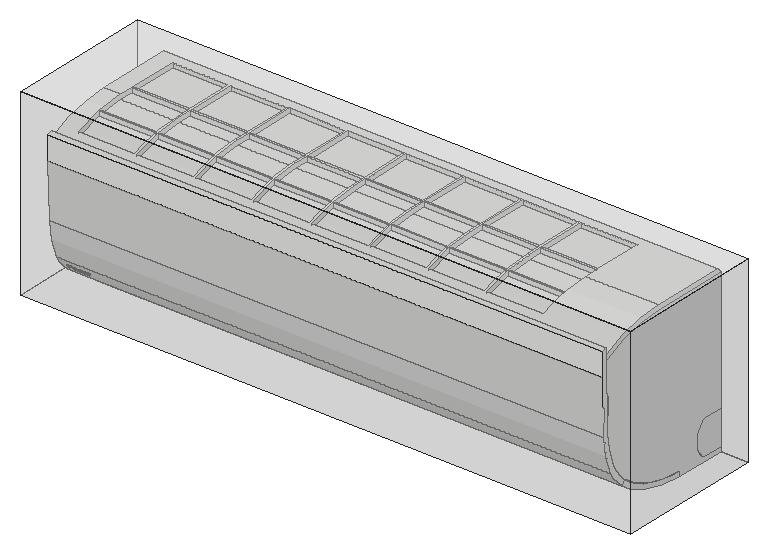
Revit family "outputfile", category 機械設備, Revit 2024
Family settings
  丸型コネクタ寸法 = 半径を使用
  パーツ タイプ = 標準
  OmniClass 番号 = 23.75.10.24.21.27.27
  OmniClass タイトル = Split System Air Conditioning Units
  作業面ベース = いいえ
  常に垂直 = はい
  ロード時にボイドで切り取り = いいえ
  注釈の向きを維持 = いいえ
  共有 = いいえ
  部屋計算ポイント = いいえ
Parameters (values of type "FTXF60WVMA")
  Description = ""
  書き出し IFC クラス(タイプ) = "IfcUnitaryEquipmentType"
  定義済み IFC タイプ(タイプ) = "AIRCONDITIONINGUNIT"
  Cost = 0
  Type Comments = ""
  Keynote = ""
  Type Image = (empty or 0)
  Assembly Code = ""
  w_wall hole = if(Width = 770.0 mm, 48.0 mm, 60.0 mm)  # 60.0 mm
  製造元 = "Daikin"
  モデル = "FTXF60WVMA"
  switch_frequency = yes
  r_Liquid Pipe Size = Liquid Pipe Size / 2  # 3.2 mm
  r_Gas Pipe Size = Gas Pipe Size / 2  # 6.35 mm
  r_Drain Pipe Size = Drain Pipe Size / 2  # 8.0 mm
  lw_powersupply [instance] = if(Width = 770.0 mm, if(or(Rear Right Connection_refrigerant, Bottom Right Connection_refrigerant), 25.0 mm, if(or(Rear Left Connection_refrigerant, Bottom Left Connection_refrigerant), 745.0 mm, 400.0 mm)), if(Width = 990.0 mm, if(or(Rear Right Connection_refrigerant, Bottom Right Connection_refrigerant), 40.0 mm, if(or(Rear Left Connection_refrigerant, Bottom Left Connection_refrigerant), 920.0 mm, 400.0 mm)), if(or(Rear Right Connection_refrigerant, Bottom Right Connection_refrigerant), 40.0 mm, if(or(Rear Left Connection_refrigerant, Bottom Left Connection_refrigerant), 920.0 mm, 400.0 mm))))  # 400.0 mm
  lw_liquidpipe [instance] = if(Width = 770.0 mm, if(or(Rear Right Connection_refrigerant, Bottom Right Connection_refrigerant), 0.0 mm, if(or(Rear Left Connection_refrigerant, Bottom Left Connection_refrigerant), 664.0 mm, 385.0 mm)), if(Width = 990.0 mm, if(or(Rear Right Connection_refrigerant, Bottom Right Connection_refrigerant), 0.0 mm, if(or(Rear Left Connection_refrigerant, Bottom Left Connection_refrigerant), 664.0 mm + (990.0 mm - 770.0 mm), 475.0 mm)), if(or(Rear Right Connection_refrigerant, Bottom Right Connection_refrigerant), 0.0 mm, if(or(Rear Left Connection_refrigerant, Bottom Left Connection_refrigerant), 664.0 mm + (990.0 mm - 770.0 mm), 475.0 mm))))  # 475.0 mm
  lw_gaspipe [instance] = if(Width = 770.0 mm, if(or(Rear Right Connection_refrigerant, Bottom Right Connection_refrigerant), 0.0 mm, if(or(Rear Left Connection_refrigerant, Bottom Left Connection_refrigerant), 675.0 mm, if(Gas Pipe Size = 12.7 mm, 335.0 mm, 335.0 mm))), if(Width = 990.0 mm, if(or(Rear Right Connection_refrigerant, Bottom Right Connection_refrigerant), 10.0 mm, if(or(Rear Left Connection_refrigerant, Bottom Left Connection_refrigerant), 890.0 mm, if(Gas Pipe Size = 15.9 mm, 400.0 mm, 400.0 mm))), if(or(Rear Right Connection_refrigerant, Bottom Right Connection_refrigerant), 10.0 mm, if(or(Rear Left Connection_refrigerant, Bottom Left Connection_refrigerant), 890.0 mm, if(Gas Pipe Size = 15.9 mm, 400.0 mm, 400.0 mm)))))  # 400.0 mm
  lw_drainpipe [instance] = if(Width = 770.0 mm, if(or(Rear Right Connection_refrigerant, Bottom Right Connection_refrigerant), 0.0 mm, if(or(Rear Left Connection_refrigerant, Bottom Left Connection_refrigerant), 770.0 mm - 48.0 mm - 48.0 mm, 440.0 mm)), if(Width = 990.0 mm, if(or(Rear Right Connection_refrigerant, Bottom Right Connection_refrigerant), 0.0 mm, if(or(Rear Left Connection_refrigerant, Bottom Left Connection_refrigerant), 675.0 mm + (990.0 mm - 770.0 mm), 435.0 mm)), if(or(Rear Right Connection_refrigerant, Bottom Right Connection_refrigerant), 0.0 mm, if(or(Rear Left Connection_refrigerant, Bottom Left Connection_refrigerant), 675.0 mm + (990.0 mm - 770.0 mm), 435.0 mm))))  # 435.0 mm
  l_powersupply_length [instance] = if(Width = 770.0 mm, if(Right Connection_refrigerant, 400.0 mm, if(Left Connection_refrigerant, 770.0 mm - 400.0 mm, if(or(Rear Left Connection_refrigerant, Rear Right Connection_refrigerant), 15.0 mm, 50.0 mm))), if(Width = 990.0 mm, if(Right Connection_refrigerant, 400.0 mm, if(Left Connection_refrigerant, 990.0 mm - 400.0 mm, if(or(Rear Left Connection_refrigerant, Rear Right Connection_refrigerant), 15.0 mm, 50.0 mm))), if(Right Connection_refrigerant, 400.0 mm, if(Left Connection_refrigerant, 990.0 mm - 400.0 mm, if(or(Rear Left Connection_refrigerant, Rear Right Connection_refrigerant), 15.0 mm, 50.0 mm)))))  # 400.0 mm
  l_liquidpipe_length [instance] = if(Width = 770.0 mm, if(Right Connection_refrigerant, 433.0 mm, if(Left Connection_refrigerant, 337.0 mm, if(or(Rear Left Connection_refrigerant, Rear Right Connection_refrigerant), 30.0 mm, 40.0 mm))), if(Width = 990.0 mm, if(Right Connection_refrigerant, 535.0 mm, if(Left Connection_refrigerant, 455.0 mm, if(or(Rear Left Connection_refrigerant, Rear Right Connection_refrigerant), 30.0 mm, 40.0 mm))), if(Right Connection_refrigerant, 535.0 mm, if(Left Connection_refrigerant, 455.0 mm, if(or(Rear Left Connection_refrigerant, Rear Right Connection_refrigerant), 30.0 mm, 40.0 mm)))))  # 535.0 mm
  l_gaspipe_length [instance] = if(Width = 770.0 mm, if(Right Connection_refrigerant, if(Gas Pipe Size = 12.7 mm, 383.0 mm, 383.0 mm), if(Left Connection_refrigerant, if(Gas Pipe Size = 12.7 mm, 770.0 mm - 383.0 mm, 770.0 mm - 383.0 mm), if(or(Rear Left Connection_refrigerant, Rear Right Connection_refrigerant), 40.0 mm, 50.0 mm))), if(Width = 990.0 mm, if(Right Connection_refrigerant, if(Gas Pipe Size = 15.9 mm, 460.0 mm, 460.0 mm), if(Left Connection_refrigerant, if(Gas Pipe Size = 15.9 mm, 990.0 mm - 460.0 mm, 990.0 mm - 460.0 mm), if(or(Rear Left Connection_refrigerant, Rear Right Connection_refrigerant), 40.0 mm, 50.0 mm))), if(Right Connection_refrigerant, if(Gas Pipe Size = 15.9 mm, 460.0 mm, 460.0 mm), if(Left Connection_refrigerant, if(Gas Pipe Size = 15.9 mm, 990.0 mm - 460.0 mm, 990.0 mm - 460.0 mm), if(or(Rear Left Connection_refrigerant, Rear Right Connection_refrigerant), 40.0 mm, 50.0 mm)))))  # 460.0 mm
  l_drainpipe_length [instance] = if(Width = 770.0 mm, if(Right Connection_refrigerant, 488.0 mm, if(Left Connection_refrigerant, 282.0 mm, if(or(Rear Left Connection_refrigerant, Rear Right Connection_refrigerant), 15.0 mm, 20.0 mm))), if(Width = 990.0 mm, if(Right Connection_refrigerant, 495.0 mm, if(Left Connection_refrigerant, 495.0 mm, if(or(Rear Left Connection_refrigerant, Rear Right Connection_refrigerant), 15.0 mm, 20.0 mm))), if(Right Connection_refrigerant, 495.0 mm, if(Left Connection_refrigerant, 495.0 mm, if(or(Rear Left Connection_refrigerant, Rear Right Connection_refrigerant), 15.0 mm, 20.0 mm)))))  # 495.0 mm
  h*** = 0.0 mm  # constant formula
  connector_voltage = Voltage_50Hz  # 230 V
  connector_powerinput = if([Power Input (Cooling)] > [Power Input (Heating)], [Power Input (Cooling)], [Power Input (Heating)])  # 0.000 kW
  connector_phase = Phase_50Hz  # 1
  angle_vertical [instance] = if(or(Bottom Left Connection_refrigerant, Bottom Right Connection_refrigerant), 0.00°, 90.00°)  # 90.00°
  angle_horizontal [instance] = if(Right Connection_refrigerant, 90.00°, if(Left Connection_refrigerant, -90.00°, if(or(Rear Left Connection_refrigerant, Rear Right Connection_refrigerant), 180.00°, 0.00°)))  # 90.00°
  Width = 990.0 mm
  Voltage_comment_50Hz = "220 - 240"
  Voltage_50Hz = 230 V
  Version = "ver.1.0"
  Unit Type = "Wall Mounted"
  Unit Mass Weight = 12.00 kg
  Unit Designation [instance] = ""
  Uniclass2015Version = "Products v1.30"
  Uniclass2015Title = "Split coil room air conditioning units"
  Uniclass2015Code = "Pr_70_65_03_86"
  URL = ""
  Total Heating Capacity [instance] = 0.000 kW
  Total Cooling Capacity [instance] = 0.000 kW
  Sound Pressure Level_M speed (dBA) = 41
  Sound Pressure Level_L speed (dBA) = 35
  Sound Pressure Level_H speed (dBA) = 46
  Sound Power Level_H speed (dB) = 0
  Series = "Single Split_Fan Coil Unit"
  Sensible Cooling Capacity [instance] = 0.000 kW
  Refrigerant Type = "R32"
  Power Input (Heating) = 0.000 kW
  Power Input (Cooling) = 0.000 kW
  Phase_50Hz = 1
  Option Accessory 3 [instance] = ""
  Option Accessory 2 [instance] = ""
  Option Accessory 1 [instance] = ""
  Nominal Heating Capacity = 6.500 kW
  Nominal Cooling Capacity = 6.000 kW
  Minimum Circuit Amps_50Hz = 0.0 A
  Minimum Airflow = 696.00 m³/h
  Median Airflow = 876.00 m³/h
  Maximum Fuse Amps_50Hz = 0.0 A
  Maximum Airflow = 1130.00 m³/h
  Material_Casing = DAIKIN_PureWhite_Casing_indoorunit
  Load Classification = HVAC
  Liquid Pipe Size = 6.4 mm
  Link_Nested Family [instance] = ""
  IfcVersion = ""
  IfcExportType = "AIRCONDITIONINGUNIT"
  IfcExportAs = "IfcUnitaryEquipmentType"
  Height = 295.0 mm
  Heating Entering Wet Bulb Temperature [instance] = 0.00 °C
  Heating Entering Dry Bulb Temperature [instance] = 0.00 °C
  Heating Ambient Wet Bulb Temperature [instance] = 0.00 °C
  Heating Ambient Dry Bulb Temperature [instance] = 0.00 °C
  Heat Exchanger Type = "Cross Fin Coil"
  Gas Pipe Size = 12.7 mm
  Frequency_50Hz = 50 Hz
  Fan Type = "Cross Flow Fan"
  Fan Drive = "Direct Drive"
  FCU Tag No. [instance] = ""
  Drain Pipe Size = 16.0 mm
  Design Supply Airflow [instance] = 0.00 m³/h
  Depth = 263.0 mm
  既定の高さ = 0.0 mm
  Cooling Entering Wet Bulb Temperature [instance] = 0.00 °C
  Cooling Entering Dry Bulb Temperature [instance] = 0.00 °C
  Cooling Ambient Wet Bulb Temperature [instance] = 0.00 °C
  Cooling Ambient Dry Bulb Temperature [instance] = 0.00 °C
  Clearance visibility [instance] = yes
  Clearance Top = 30.0 mm
  Clearance Right = 50.0 mm
  Clearance Rear = 0.0 mm
  Clearance Left = 50.0 mm
  Clearance Front = 0.0 mm
  Clearance Bottom = 0.0 mm
  Bottom Right Connection_refrigerant [instance] = no
  Bottom Left Connection_refrigerant [instance] = no
  Rear Right Connection_refrigerant [instance] = no
  Rear Left Connection_refrigerant [instance] = no
  Right Connection_refrigerant [instance] = yes
  Left Connection_refrigerant [instance] = no
Reference planes
  plane 1 "Back": y = 0
  plane 2: z = 0
  plane 3 "Center (Left/Right)": x = 0
  plane 4 "Center (Front/Back)": y = -131.5
  plane 5 "Front": y = -263
  plane 6 "Left": x = -495
  plane 7 "Right": x = 495
  plane 8 "Top": z = 0
  plane 9 "Bottom": z = -295
  plane 10: x = -545
  plane 11: x = 545
  plane 12: y = 0
  plane 13: y = -263
  plane 14: z = 30
  plane 15: z = -295
  plane 16 "lw_Piping and Wiring intake": x = 435
  plane 17 "lw_gaspipe": x = 35
  plane 18 "lw_liquidpipe": x = -40
  plane 19 "lw_drainpipe": x = 0
  plane 20 "lh_drainpipe": z = -275
  plane 21 "lh_liquidpipe": z = -255
  plane 22 "lh_gaspipe": z = -245
  plane 23 "ld_drainpipe": y = -15
  plane 24 "ld_liquidpipe": y = -30
  plane 25 "ld_gaspipe": y = -40
  plane 26 "lw_powersupply": x = 95
Dimensions and locks
  equal spacing: plane 6 "Left", plane 3 "Center (Left/Right)", plane 7 "Right"
  "Width": plane 6 "Left" to plane 7 "Right"
  equal spacing: plane 5 "Front", plane 4 "Center (Front/Back)", plane 1 "Back"
  "Depth": plane 5 "Front" to plane 1 "Back"
  "Height": plane 8 "Top" to plane 9 "Bottom"
  "Clearance Rear": plane 12 to plane 1 "Back"
  "Clearance Front": plane 13 to plane 5 "Front"
  "Clearance Top": plane 14 to plane 8 "Top"
  "Clearance Bottom": plane 9 "Bottom" to plane 15
  "w_wall hole": plane 16 "lw_Piping and Wiring intake" to plane 7 "Right"
  "lw_gaspipe": plane 17 "lw_gaspipe" to plane 16 "lw_Piping and Wiring intake"
  "lw_liquidpipe": plane 18 "lw_liquidpipe" to plane 16 "lw_Piping and Wiring intake"
  "lw_drainpipe": plane 19 "lw_drainpipe" to plane 16 "lw_Piping and Wiring intake"
  locked: plane 20 "lh_drainpipe" to plane 9 "Bottom" at 20
  locked: plane 21 "lh_liquidpipe" to plane 9 "Bottom" at 40
  locked: plane 22 "lh_gaspipe" to plane 9 "Bottom" at 50
  locked: plane 23 "ld_drainpipe" to plane 1 "Back" at 15
  locked: plane 1 "Back" to plane 24 "ld_liquidpipe" at 30
  locked: plane 1 "Back" to plane 25 "ld_gaspipe" at 40
  "lw_powersupply": plane 26 "lw_powersupply" to plane 7 "Right"
  "Clearance Left": plane 10 to plane 6 "Left"
  "Clearance Right": plane 7 "Right" to plane 11
  aligned and locked: level to plane 2
  aligned and locked: plane 12 to nested 1
  aligned and locked: nested 1 to plane 13
  aligned and locked: plane 10 to nested 1
  aligned and locked: plane 11 to nested 1
  aligned and locked: plane 15 to nested 1
  aligned and locked: plane 14 to nested 1
  aligned and locked: plane 17 "lw_gaspipe" to nested 2
  aligned and locked: nested 2 to plane 25 "ld_gaspipe"
  aligned and locked: plane 18 "lw_liquidpipe" to nested 3
  aligned and locked: nested 3 to plane 24 "ld_liquidpipe"
  aligned and locked: plane 19 "lw_drainpipe" to nested 4
  aligned and locked: nested 4 to plane 23 "ld_drainpipe"
  aligned and locked: nested 5 to plane 23 "ld_drainpipe"
  aligned and locked: plane 26 "lw_powersupply" to nested 5
  aligned and locked: level to plane 8 "Top"
  aligned and locked: plane 3 "Center (Left/Right)" to nested 6
  aligned and locked: plane 1 "Back" to nested 6
  aligned and locked: plane 8 "Top" to nested 6
Nested families
  nested 1: "daikin_clearancespace" at (0, -131.5, -132.381), show <- "Clearance visibility", visible <- "Clearance visibility", Link_Nested Family <- "Link_Nested Family", type "daikin_clearancespace"
    with width 1090.0 mm, show yes, height 325.0 mm, depth 263.0 mm, Link_Nested Family ""
  nested 2: "daikin_connector_rotate3" at (35, -40, -245), angle_vertical <- "angle_vertical", angle_horizontal <- "angle_horizontal", length <- "l_gaspipe_length", radius <- "r_Gas Pipe Size", type "daikin_connector_rotate3"
    with show no, radius 6.35 mm, length 460.0 mm, angle_vertical 90.00°, angle_horizontal 90.00°
  nested 3: "daikin_connector_rotate3" at (-40, -30, -255), angle_vertical <- "angle_vertical", angle_horizontal <- "angle_horizontal", radius <- "r_Liquid Pipe Size", length <- "l_liquidpipe_length", type "daikin_connector_rotate3"
    with show no, radius 3.2 mm, length 535.0 mm, angle_vertical 90.00°, angle_horizontal 90.00°
  nested 4: "daikin_connector_rotate3" at (0, -15, -275), angle_vertical <- "angle_vertical", angle_horizontal <- "angle_horizontal", length <- "l_drainpipe_length", radius <- "r_Drain Pipe Size", type "daikin_connector_rotate3"
    with show no, radius 8.0 mm, length 495.0 mm, angle_vertical 90.00°, angle_horizontal 90.00°
  nested 5: "daikin_connector_rotate3" at (95, -15, -245), angle_vertical <- "angle_vertical", angle_horizontal <- "angle_horizontal", length <- "l_powersupply_length", type "daikin_connector_rotate3"
    with show no, radius 10.0 mm, length 400.0 mm, angle_vertical 90.00°, angle_horizontal 90.00°
  nested 6: "DAIKIN_indoorunit_FTXF-WVMA" at (-31, 0, 0), type "FTXF-WVMA"
    with switch_unit1_60-71 yes, switch_unit1_20-50 no, Width 990.0 mm, WALL HOLE-R 60.0 mm, WALL HOLE Size 80.0 mm, Height 295.0 mm
Connectors
  piping at (495, -40, -245), diameter 12.7, driven by "r_Gas Pipe Size"
    settings: on nested 2, index 1, connector inside diameter 609.6 mm, connector length 0.0 mm, flow factor 0, pipe flow 0.00 m³/h, pressure drop 0.0 Pa, fitting loss kfactor 0, connector angle 0.00°, fixture units 0, engagement length 0.0 mm, angle of deflection 0.00°, flow configuration 1, flow direction 2, fitting loss method 0, system type 29, joint type 0, gender type 0, connector reference index -1, connector utility 0, adjustable connector no, is connector primary yes, connector description "Refrigerant Gas Piping"
  piping at (495, -30, -255), diameter 6.4, driven by "r_Liquid Pipe Size"
    settings: on nested 3, index 2, connector inside diameter 609.6 mm, connector length 0.0 mm, flow factor 0, pipe flow 0.00 m³/h, pressure drop 0.0 Pa, fitting loss kfactor 0, connector angle 0.00°, fixture units 0, engagement length 0.0 mm, angle of deflection 0.00°, flow configuration 1, flow direction 1, fitting loss method 0, system type 29, joint type 0, gender type 0, connector reference index -1, connector utility 0, adjustable connector no, is connector primary no, connector description "Refrigerant Liquid Piping"
  piping at (495, -15, -275), diameter 16, driven by "r_Drain Pipe Size"
    settings: on nested 4, index 3, connector inside diameter 609.6 mm, connector length 0.0 mm, flow factor 0, pipe flow 0.00 m³/h, pressure drop 0.0 Pa, fitting loss kfactor 0, connector angle 0.00°, fixture units 0, engagement length 0.0 mm, angle of deflection 0.00°, flow configuration 1, flow direction 2, fitting loss method 4, system type 16, joint type 0, gender type 0, connector reference index -1, connector utility 0, adjustable connector no, is connector primary no, connector description "Condensate Drain Piping"
  electrical at (495, -15, -245), driven by "Load Classification", driven by "connector_voltage", driven by "connector_powerinput", driven by "connector_phase"
    settings: on nested 5, index 4, voltage 230 V, apparent load 0 VA, apparent load phase1 0 VA, apparent load phase2 0 VA, apparent load phase3 0 VA, power factor 1, load classification "HVAC", number of poles 1, system type 30, power factor state 1, is connector primary yes, connector utility no, sub classification motor no, connector description "Power Supply"
Definition of nested family "daikin_clearancespace"
  Parameters (values of type "daikin_clearancespace")
    Description = "daikin_clearancespace"
    width [instance] = 1823.963 mm
    show [instance] = yes
    material = none
    height [instance] = 1359.762 mm
    depth [instance] = 880.0 mm
    Default Elevation = 0.0 mm
    Link_Nested Family [instance] = ""
  Reference planes
    plane 1 "Center (Front/Back)": y = 0
    plane 2 "Center (Elevation)": z = -0.119
    plane 3 "Center (Left/Right)": x = 0
    plane 4: y = 440
    plane 5: y = -440
    plane 6 "Right": x = 911.982
    plane 7 "Left": x = -911.982
    plane 8 "Top": z = 679.762
    plane 9 "Bottom": z = -680
  Forms (mm)
    Extrusion 1, solid, material <- "material", visible <- "show"
      sketch origin (0, 0, 0) x (1, 0, 0) y (0, 1, 0)
        loop
          line (-911.982, 440) -> (-911.982, -440) -> (911.982, -440) -> (911.982, 440) -> (-911.982, 440)
      from -680 to 679.762
  Lines and regions (mm)
    symbolic lines, visible <- "show"
      curve 1: line (911.982, 440, 0) -> (-911.982, 440, 0)
      curve 2: line (-911.982, 440, 0) -> (-911.982, -440, 0)
      curve 3: line (-911.982, -440, 0) -> (911.982, -440, 0)
      curve 4: line (911.982, -440, 0) -> (911.982, 440, 0)
      curve 5: line (911.982, 0, 679.762) -> (-911.982, 0, 679.762)
      curve 6: line (911.982, 0, -680) -> (911.982, 0, 679.762)
      curve 7: line (-911.982, 0, -680) -> (911.982, 0, -680)
      curve 8: line (-911.982, 0, 679.762) -> (-911.982, 0, -680)
      curve 9: line (0, 440, 679.762) -> (0, -440, 679.762)
      curve 10: line (0, -440, 679.762) -> (0, -440, -680)
      curve 11: line (0, 440, -680) -> (0, 440, 679.762)
      curve 12: line (0, -440, -680) -> (0, 440, -680)
  Dimensions and locks
    "width": plane 7 "Left" to plane 6 "Right"
    "depth": plane 4 to plane 5
    "height": plane 8 "Top" to plane 9 "Bottom"
    equal spacing: plane 7 "Left", plane 3 "Center (Left/Right)", plane 6 "Right"
    equal spacing: plane 4, plane 1 "Center (Front/Back)", plane 5
    equal spacing: plane 8 "Top", plane 2 "Center (Elevation)", plane 9 "Bottom"
    aligned and locked: level to plane 2 "Center (Elevation)"
    aligned and locked: Extrusion 1 sketch curve to plane 4
    aligned and locked: plane 7 "Left" to Extrusion 1 sketch curve
    aligned and locked: Extrusion 1 sketch curve to plane 5
    aligned and locked: Extrusion 1 sketch curve to plane 6 "Right"
    aligned and locked: plane 8 "Top" to Extrusion 1
    aligned and locked: curve 1 to Extrusion 1
    aligned and locked: curve 2 to Extrusion 1
    aligned and locked: curve 3 to Extrusion 1
    aligned and locked: curve 4 to Extrusion 1
    aligned and locked: curve 5 to Extrusion 1
    aligned and locked: curve 6 to Extrusion 1
    aligned and locked: curve 7 to Extrusion 1
    aligned and locked: curve 8 to Extrusion 1
    aligned and locked: curve 9 to Extrusion 1
    aligned and locked: curve 10 to Extrusion 1
    aligned and locked: curve 11 to Extrusion 1
    aligned and locked: curve 12 to Extrusion 1
    aligned and locked: Extrusion 1 to plane 9 "Bottom"
Definition of nested family "DAIKIN_indoorunit_FTXF-WVMA"
  Parameters (values of type "FTKF-TVMA")
    switch_unit1_60-71 = Width = 990.0 mm  # no
    switch_unit1_20-50 = Width = 770.0 mm  # yes
    Width = 770.0 mm
    WALL HOLE-R = if(Width = 770.0 mm, 48.0 mm, 60.0 mm)  # 48.0 mm
    WALL HOLE Size = if(Width = 770.0 mm, 65.0 mm, 80.0 mm)  # 65.0 mm
    Material_Casing = none
    Height = if(Width = 770.0 mm, 285.0 mm, 295.0 mm)  # 285.0 mm
    Default Elevation = 0.0 mm
  Reference planes
    plane 1 "Center (Front/Back)": y = 0
    plane 2 "reference_level": z = 0
    plane 3 "Center (Left/Right)": x = 31
    plane 4: x = -354
    plane 5: x = 416
    plane 6: z = -285
  Forms (mm)
    Extrusion 1, solid, material <- "Material_Casing", visible <- "switch_unit1_20-50"
      sketch origin (29, 0, 0) x (0, 1, 0) y (0, 0, 1)
        loop
          line (-5, 0) -> (-98, 0)
          arc (-98, 0) -> (-157.611, -7.211) -> (-213.783, -28.427) r 250
          arc (-213.783, -28.427) -> (-213.842, -32.972) -> (-213.892, -37.516) r 2191
          arc (-213.892, -37.516) -> (-157.832, -15.495) -> (-98.07, -8) r 242
          line (-98.07, -8) -> (0, -8) -> (-5, 0)
      from -383 to 387
    Extrusion 2, solid, material <- "Material_Casing", visible <- "switch_unit1_20-50"
      sketch origin (416, 1296.25, 1200) x (0, 1, 0) y (0, 0, 1)
        loop
          line (-1472.998, -1446.91) -> (-1476.998, -1453.839)
          arc (-1476.998, -1453.839) -> (-1437.481, -1472.422) -> (-1395.25, -1483.538) r 240
          line (-1395.25, -1483.538) -> (-1395.25, -1475.422)
          arc (-1395.25, -1475.422) -> (-1435.407, -1464.663) -> (-1472.998, -1446.91) r 232
      from 0 to -47.5
    Extrusion 3, solid, material <- "Material_Casing", visible <- "switch_unit1_20-50"
      sketch origin (29, 0, 0) x (0, 1, 0) y (0, 0, 1)
        loop
          arc (-223, -60.455) -> (-222.414, -110.646) -> (-220.656, -160.81) r 2149.92
          arc (-220.656, -160.81) -> (-219.65, -174.299) -> (-217.853, -187.706) r 229.911
          arc (-217.853, -187.706) -> (-205.371, -223.594) -> (-181.517, -253.17) r 111
          line (-181.517, -253.17) -> (-177.429, -246.093)
          arc (-177.429, -246.093) -> (-198.77, -218.989) -> (-209.965, -186.36) r 103
          arc (-209.965, -186.36) -> (-211.681, -173.586) -> (-212.651, -160.735) r 221.844
          arc (-212.651, -160.735) -> (-214.739, -93.233) -> (-214.74, -25.699) r 2186.828
          arc (-214.74, -25.699) -> (-214.671, -21.467) -> (-214.594, -17.235) r 2192
          line (-214.594, -17.235) -> (-223, -19.961) -> (-223, -60.455)
      from -383 to 387
    Extrusion 4, solid, material <- "Material_Casing", visible <- "switch_unit1_20-50"
      sketch origin (29, 0, -20) x (0, 1, 0) y (0, 0, 1)
        loop
          line (0, -265) -> (0, 12) -> (-98.07, 12)
          arc (-98.07, 12) -> (-157.832, 4.505) -> (-213.892, -17.516) r 242
          arc (-213.892, -17.516) -> (-213.638, -79.114) -> (-211.653, -140.681) r 2191
          arc (-211.653, -140.681) -> (-210.685, -153.501) -> (-208.973, -166.243) r 221
          arc (-208.973, -166.243) -> (-197.471, -199.282) -> (-175.482, -226.491) r 102
          arc (-175.482, -226.491) -> (-138.004, -244.019) -> (-98, -254.579) r 231
          line (-98, -254.579) -> (-98, -265) -> (0, -265)
      from -383 to 387
    Extrusion 5, solid, material <- "Material_Casing", visible <- "switch_unit1_20-50"
      sketch origin (-354, 1296.25, 1200) x (0, 1, 0) y (0, 0, 1)
        loop
          line (-1472.998, -1446.91) -> (-1476.998, -1453.839)
          arc (-1476.998, -1453.839) -> (-1437.481, -1472.422) -> (-1395.25, -1483.538) r 240
          line (-1395.25, -1483.538) -> (-1395.25, -1475.422)
          arc (-1395.25, -1475.422) -> (-1435.407, -1464.663) -> (-1472.998, -1446.91) r 232
      from 47 to 0
    Extrusion 6, solid, material <- "Material_Casing", visible <- "switch_unit1_20-50"
      sketch origin (416, 1296.25, 1200) x (0, 1, 0) y (0, 0, 1)
        loop
          line (-1472.998, -1446.91) -> (-1476.998, -1453.839)
          arc (-1476.998, -1453.839) -> (-1443.437, -1470.168) -> (-1407.75, -1481.097) r 240
          line (-1407.75, -1481.097) -> (-1407.75, -1472.894)
          arc (-1407.75, -1472.894) -> (-1441.363, -1462.385) -> (-1472.998, -1446.91) r 232
      from -116.993 to -48.493
    Extrusion 7, solid, material <- "Material_Casing", visible <- "switch_unit1_20-50"
      sketch origin (416, 1296.25, 1200) x (0, 1, 0) y (0, 0, 1)
        loop
          line (-1472.998, -1446.91) -> (-1476.998, -1453.839)
          arc (-1476.998, -1453.839) -> (-1443.437, -1470.168) -> (-1407.75, -1481.097) r 240
          line (-1407.75, -1481.097) -> (-1407.75, -1472.894)
          arc (-1407.75, -1472.894) -> (-1441.363, -1462.385) -> (-1472.998, -1446.91) r 232
      from -717 to -121.993
    Extrusion 8, void
      sketch origin (31, 0, -235) x (1, 0, 0) y (0, 1, 0)
        loop
          line (-252.674, -22.316) -> (-354.941, -22.316) -> (-354.941, -91.341) -> (-252.674, -91.341) -> (-252.674, -22.316)
        loop
          line (-249.341, -91.341) -> (-151.574, -91.341) -> (-151.574, -22.316) -> (-249.341, -22.316) -> (-249.341, -91.341)
        loop
          line (58.309, -22.316) -> (-148.309, -22.316) -> (-148.309, -91.341) -> (58.309, -91.341) -> (58.309, -22.316)
        loop
          line (61.689, -22.316) -> (61.689, -91.341) -> (159.457, -91.341) -> (159.457, -22.316) -> (61.689, -22.316)
        loop
          line (162.789, -22.316) -> (162.789, -91.341) -> (265.057, -91.341) -> (265.057, -22.316) -> (162.789, -22.316)
        loop
          line (-354.941, -94.659) -> (-354.941, -165.259) -> (-252.674, -165.259) -> (-252.674, -94.659) -> (-354.941, -94.659)
        loop
          line (-249.341, -94.659) -> (-249.341, -165.259) -> (-151.574, -165.259) -> (-151.574, -94.659) -> (-249.341, -94.659)
        loop
          line (-148.309, -94.659) -> (-148.309, -165.259) -> (58.309, -165.259) -> (58.309, -94.659) -> (-148.309, -94.659)
        loop
          line (61.689, -94.659) -> (61.689, -165.259) -> (159.457, -165.259) -> (159.457, -94.659) -> (61.689, -94.659)
        loop
          line (162.789, -94.659) -> (162.789, -165.259) -> (265.057, -165.259) -> (265.057, -94.659) -> (162.789, -94.659)
        loop
          line (-354.941, -167.382) -> (-354.941, -192.681) -> (-252.674, -192.681) -> (-252.674, -167.382) -> (-354.941, -167.382)
        loop
          line (-249.341, -167.382) -> (-249.341, -192.681) -> (-151.574, -192.681) -> (-151.574, -167.382) -> (-249.341, -167.382)
        loop
          line (-148.309, -167.382) -> (-148.309, -192.681) -> (58.309, -192.681) -> (58.309, -167.382) -> (-148.309, -167.382)
        loop
          line (159.457, -167.382) -> (61.689, -167.382) -> (61.689, -192.681) -> (159.457, -192.681) -> (159.457, -167.382)
        loop
          line (265.057, -167.382) -> (162.789, -167.382) -> (162.789, -192.681) -> (265.057, -192.681) -> (265.057, -167.382)
      from 201.638 to 250
    Extrusion 9, solid, material <- "Material_Casing"
      sketch origin (31, 0, 0) x (1, 0, 0) y (0, 0, 1)
        loop
          circle (337, -240.5) r 32.5
        loop
          circle (-337, -240.5) r 32.5
      from 0 to 5
    Extrusion 10, solid, material <- "Material_Casing", visible <- "switch_unit1_20-50"
      sketch origin (416, 1296.25, 1200) x (0, -1, 0) y (0, 0, 1)
        loop
          line (1326.25, -1417) -> (1296.25, -1417) -> (1296.25, -1477) -> (1326.25, -1477)
          arc (1326.25, -1477) -> (1340.393, -1471.142) -> (1346.25, -1457) r 20
          line (1346.25, -1457) -> (1346.25, -1437)
          arc (1346.25, -1437) -> (1340.393, -1422.858) -> (1326.25, -1417) r 20
      from 0 to 5
    Extrusion 11, solid, material <- "Material_Casing", visible <- "switch_unit1_20-50"
      sketch origin (-354, 1296.25, 1200) x (0, 1, 0) y (0, 0, 1)
        loop
          line (-1296.25, -1417) -> (-1326.25, -1417)
          arc (-1326.25, -1417) -> (-1340.393, -1422.858) -> (-1346.25, -1437) r 20
          line (-1346.25, -1437) -> (-1346.25, -1457)
          arc (-1346.25, -1457) -> (-1340.393, -1471.142) -> (-1326.25, -1477) r 20
          line (-1326.25, -1477) -> (-1296.25, -1477) -> (-1296.25, -1417)
      from 0 to 5
    Extrusion 12, solid, material <- "Material_Casing", visible <- "switch_unit1_20-50"
      sketch origin (31, 0, -285) x (-1, 0, 0) y (0, -1, 0)
        loop
          line (-314, 0) -> (-314, 30)
          arc (-314, 30) -> (-319.858, 44.142) -> (-334, 50) r 20
          line (-334, 50) -> (-354, 50)
          arc (-354, 50) -> (-368.142, 44.142) -> (-374, 30) r 20
          line (-374, 30) -> (-374, 0) -> (-314, 0)
        loop
          line (374, 0) -> (374, 30)
          arc (374, 30) -> (368.142, 44.142) -> (354, 50) r 20
          line (354, 50) -> (334, 50)
          arc (334, 50) -> (319.858, 44.142) -> (314, 30) r 20
          line (314, 30) -> (314, 0) -> (374, 0)
      from 0 to 5
    Extrusion 13, solid, material <- "Material_Casing", visible <- "switch_unit1_60-71"
      sketch origin (31, 0, 0) x (0, 1, 0) y (0, 0, 1)
        loop
          line (-5, 0) -> (-138, 0)
          arc (-138, 0) -> (-197.611, -7.211) -> (-253.783, -28.427) r 250
          arc (-253.783, -28.427) -> (-253.838, -32.687) -> (-253.886, -36.946) r 2191
          arc (-253.886, -36.946) -> (-197.73, -15.346) -> (-138.014, -8) r 246.393
          line (-138.014, -8) -> (0, -8) -> (-5, 0)
      from -495 to 495
    Extrusion 14, solid, material <- "Material_Casing", visible <- "switch_unit1_60-71"
      sketch origin (418, 1296.25, 1200) x (0, 1, 0) y (0, 0, 1)
        loop
          arc (-1515.208, -1454.149) -> (-1506.856, -1460.599) -> (-1497.925, -1466.219) r 110
          arc (-1497.925, -1466.219) -> (-1445.718, -1487.493) -> (-1389.844, -1494.995) r 223
          line (-1389.844, -1494.995) -> (-1389.844, -1486.086) -> (-1404.386, -1486.086)
          arc (-1404.386, -1486.086) -> (-1449.542, -1477.46) -> (-1491.818, -1459.402) r 214.289
          arc (-1491.818, -1459.402) -> (-1501.056, -1453.541) -> (-1509.606, -1446.715) r 101
          line (-1509.606, -1446.715) -> (-1515.208, -1454.149)
      from 108 to 57.5
    Extrusion 15, solid, material <- "Material_Casing", visible <- "switch_unit1_60-71"
      sketch origin (31, 0, 0) x (0, 1, 0) y (0, 0, 1)
        loop
          line (-263, -19.962) -> (-263, -61.6)
          arc (-263, -61.6) -> (-262.414, -110.219) -> (-260.656, -158.81) r 2017.341
          arc (-260.656, -158.81) -> (-255.648, -191.935) -> (-244.041, -223.362) r 164.725
          arc (-244.041, -223.362) -> (-233.569, -239.793) -> (-219.717, -253.495) r 87.379
          line (-219.717, -253.495) -> (-214.706, -246.846)
          arc (-214.706, -246.846) -> (-229.564, -230.029) -> (-240.385, -210.371) r 102
          arc (-240.385, -210.371) -> (-249.049, -182.962) -> (-252.848, -154.467) r 165.789
          arc (-252.848, -154.467) -> (-254.771, -90.102) -> (-254.74, -25.708) r 2122.533
          arc (-254.74, -25.708) -> (-254.671, -21.469) -> (-254.594, -17.23) r 2192
          line (-254.594, -17.23) -> (-263, -19.962)
      from -495 to 495
    Extrusion 16, void
      sketch origin (33, 0, 0) x (1, 0, 0) y (0, 1, 0)
        loop
          line (-466.909, -22.316) -> (-466.909, -111.341) -> (-366.303, -111.341) -> (-366.303, -22.316) -> (-466.909, -22.316)
        loop
          line (-362.71, -22.316) -> (-362.71, -111.341) -> (-262.103, -111.341) -> (-262.103, -22.316) -> (-362.71, -22.316)
        loop
          line (-258.51, -22.316) -> (-258.51, -111.341) -> (-157.904, -111.341) -> (-157.904, -22.316) -> (-258.51, -22.316)
        loop
          line (-154.31, -22.316) -> (-154.31, -111.341) -> (-53.704, -111.341) -> (-53.704, -22.316) -> (-154.31, -22.316)
        loop
          line (-50.11, -22.316) -> (-50.11, -111.341) -> (50.496, -111.341) -> (50.496, -22.316) -> (-50.11, -22.316)
        loop
          line (54.089, -22.316) -> (54.089, -111.341) -> (154.696, -111.341) -> (154.696, -22.316) -> (54.089, -22.316)
        loop
          line (158.289, -22.316) -> (158.289, -111.341) -> (258.895, -111.341) -> (258.895, -22.316) -> (158.289, -22.316)
        loop
          line (262.489, -22.316) -> (262.489, -111.341) -> (363.095, -111.341) -> (363.095, -22.316) -> (262.489, -22.316)
        loop
          line (-466.909, -114.459) -> (-466.909, -185.059) -> (-366.303, -185.059) -> (-366.303, -114.459) -> (-466.909, -114.459)
        loop
          line (-362.71, -114.459) -> (-362.71, -185.059) -> (-262.103, -185.059) -> (-262.103, -114.459) -> (-362.71, -114.459)
        loop
          line (-258.51, -114.459) -> (-258.51, -185.059) -> (-157.904, -185.059) -> (-157.904, -114.459) -> (-258.51, -114.459)
        loop
          line (-154.31, -114.459) -> (-154.31, -185.059) -> (-53.704, -185.059) -> (-53.704, -114.459) -> (-154.31, -114.459)
        loop
          line (-50.11, -114.459) -> (-50.11, -185.059) -> (50.496, -185.059) -> (50.496, -114.459) -> (-50.11, -114.459)
        loop
          line (54.089, -114.459) -> (54.089, -185.059) -> (154.696, -185.059) -> (154.696, -114.459) -> (54.089, -114.459)
        loop
          line (158.289, -114.459) -> (158.289, -185.059) -> (258.895, -185.059) -> (258.895, -114.459) -> (158.289, -114.459)
        loop
          line (262.489, -114.459) -> (262.489, -185.059) -> (363.095, -185.059) -> (363.095, -114.459) -> (262.489, -114.459)
        loop
          line (-466.909, -187.382) -> (-466.909, -232.681) -> (-366.303, -232.681) -> (-366.303, -187.382) -> (-466.909, -187.382)
        loop
          line (-362.71, -187.382) -> (-362.71, -232.681) -> (-262.103, -232.681) -> (-262.103, -187.382) -> (-362.71, -187.382)
        loop
          line (-258.51, -187.382) -> (-258.51, -232.681) -> (-157.904, -232.681) -> (-157.904, -187.382) -> (-258.51, -187.382)
        loop
          line (-154.31, -187.382) -> (-154.31, -232.681) -> (-53.704, -232.681) -> (-53.704, -187.382) -> (-154.31, -187.382)
        loop
          line (-50.11, -187.382) -> (-50.11, -232.681) -> (50.496, -232.681) -> (50.496, -187.382) -> (-50.11, -187.382)
        loop
          line (54.089, -187.382) -> (54.089, -232.681) -> (154.696, -232.681) -> (154.696, -187.382) -> (54.089, -187.382)
        loop
          line (158.289, -187.382) -> (158.289, -232.681) -> (258.895, -232.681) -> (258.895, -187.382) -> (158.289, -187.382)
        loop
          line (262.489, -187.382) -> (262.489, -232.681) -> (363.095, -232.681) -> (363.095, -187.382) -> (262.489, -187.382)
      from -40.013 to 47.268
    Extrusion 17, solid, material <- "Material_Casing", visible <- "switch_unit1_60-71"
      sketch origin (-356, 1296.25, 1200) x (0, 1, 0) y (0, 0, -1)
        loop
          line (-1515.208, 1454.149) -> (-1509.606, 1446.715)
          arc (-1509.606, 1446.715) -> (-1501.056, 1453.541) -> (-1491.818, 1459.402) r 101
          arc (-1491.818, 1459.402) -> (-1449.542, 1477.46) -> (-1404.386, 1486.086) r 214.289
          line (-1404.386, 1486.086) -> (-1389.844, 1486.086) -> (-1389.844, 1494.995)
          arc (-1389.844, 1494.995) -> (-1445.718, 1487.493) -> (-1497.925, 1466.219) r 223
          arc (-1497.925, 1466.219) -> (-1506.856, 1460.599) -> (-1515.208, 1454.149) r 110
      from 108 to 61
    Extrusion 18, solid, material <- "Material_Casing", visible <- "switch_unit1_60-71"
      sketch origin (418, 1296.25, 1200) x (0, 1, 0) y (0, 0, 1)
        loop
          arc (-1515.208, -1454.149) -> (-1506.856, -1460.599) -> (-1497.925, -1466.219) r 110
          arc (-1497.925, -1466.219) -> (-1463.185, -1482.066) -> (-1426.25, -1491.755) r 223
          line (-1426.25, -1491.755) -> (-1426.25, -1483.166)
          arc (-1426.25, -1483.166) -> (-1460.008, -1473.969) -> (-1491.818, -1459.402) r 214.289
          arc (-1491.818, -1459.402) -> (-1501.056, -1453.541) -> (-1509.606, -1446.715) r 101
          line (-1509.606, -1446.715) -> (-1515.208, -1454.149)
      from 56.5 to -36.993
    Extrusion 19, solid, material <- "Material_Casing", visible <- "switch_unit1_60-71"
      sketch origin (418, 1296.25, 1200) x (0, 1, 0) y (0, 0, 1)
        loop
          arc (-1426.25, -1483.166) -> (-1443.442, -1479.224) -> (-1460.25, -1473.881) r 214.289
          line (-1460.25, -1473.881) -> (-1460.25, -1483.089)
          arc (-1460.25, -1483.089) -> (-1443.421, -1488.091) -> (-1426.25, -1491.755) r 223
          line (-1426.25, -1491.755) -> (-1426.25, -1483.166)
      from -43.493 to -828.893
    Extrusion 20, solid, material <- "Material_Casing", visible <- "switch_unit1_60-71"
      sketch origin (418, 1296.25, 1200) x (0, 1, 0) y (0, 0, 1)
        loop
          arc (-1515.208, -1454.149) -> (-1506.856, -1460.599) -> (-1497.925, -1466.219) r 110
          arc (-1497.925, -1466.219) -> (-1479.479, -1475.527) -> (-1460.25, -1483.089) r 223
          line (-1460.25, -1483.089) -> (-1460.25, -1473.881)
          arc (-1460.25, -1473.881) -> (-1476.328, -1467.282) -> (-1491.818, -1459.402) r 214.289
          arc (-1491.818, -1459.402) -> (-1501.056, -1453.541) -> (-1509.606, -1446.715) r 101
          line (-1509.606, -1446.715) -> (-1515.208, -1454.149)
      from -43.493 to -828.893
    Extrusion 21, solid, material <- "Material_Casing", visible <- "switch_unit1_60-71"
      sketch origin (31, 0, -30) x (0, 1, 0) y (0, 0, 1)
        loop
          line (0, 22) -> (-138.014, 22)
          arc (-138.014, 22) -> (-197.73, 14.654) -> (-253.886, -6.946) r 246.393
          arc (-253.886, -6.946) -> (-253.682, -65.635) -> (-251.855, -124.295) r 2120.935
          arc (-251.855, -124.295) -> (-248.086, -152.682) -> (-239.461, -179.988) r 164.789
          arc (-239.461, -179.988) -> (-228.903, -199.231) -> (-214.437, -215.738) r 101
          line (-214.437, -215.738) -> (-212.406, -216.221)
          arc (-212.406, -216.221) -> (-204.07, -222.837) -> (-195.079, -228.53) r 100
          arc (-195.079, -228.53) -> (-145.557, -248.629) -> (-92.593, -255.785) r 213.289
          line (-92.593, -255.785) -> (-92.593, -265) -> (0, -265) -> (0, 22)
      from -495 to 495
    Extrusion 22, solid, material <- "Material_Casing", visible <- "switch_unit1_60-71"
      sketch origin (526, 1296.25, 1200) x (0, -1, 0) y (0, 0, 1)
        loop
          line (1326.25, -1427.035) -> (1296.25, -1427.035) -> (1296.25, -1487.035) -> (1326.25, -1487.035)
          arc (1326.25, -1487.035) -> (1340.393, -1481.177) -> (1346.25, -1467.035) r 20
          line (1346.25, -1467.035) -> (1346.25, -1447.035)
          arc (1346.25, -1447.035) -> (1340.393, -1432.892) -> (1326.25, -1427.035) r 20
      from 0 to 5
    Extrusion 23, solid, material <- "Material_Casing", visible <- "switch_unit1_60-71"
      sketch origin (-459, 1296.25, 1200) x (0, -1, 0) y (0, 0, 1)
        loop
          line (1326.25, -1427.035) -> (1296.25, -1427.035) -> (1296.25, -1487.035) -> (1326.25, -1487.035)
          arc (1326.25, -1487.035) -> (1340.393, -1481.177) -> (1346.25, -1467.035) r 20
          line (1346.25, -1467.035) -> (1346.25, -1447.035)
          arc (1346.25, -1447.035) -> (1340.393, -1432.892) -> (1326.25, -1427.035) r 20
      from 0 to 5
    Extrusion 24, solid, material <- "Material_Casing", visible <- "switch_unit1_60-71"
      sketch origin (31, 200, -295) x (-1, 0, 0) y (0, -1, 0)
        loop
          line (469, 200) -> (469, 230)
          arc (469, 230) -> (463.142, 244.142) -> (449, 250) r 20
          line (449, 250) -> (429, 250)
          arc (429, 250) -> (414.858, 244.142) -> (409, 230) r 20
          line (409, 230) -> (409, 200) -> (469, 200)
        loop
          line (-469, 200) -> (-409, 200) -> (-409, 230)
          arc (-409, 230) -> (-414.858, 244.142) -> (-429, 250) r 20
          line (-429, 250) -> (-449, 250)
          arc (-449, 250) -> (-463.142, 244.142) -> (-469, 230) r 20
          line (-469, 230) -> (-469, 200)
      from 0 to 5
  Cuts and joins
    Extrusion 8 cuts Extrusion 1
    Extrusion 16 cuts Extrusion 13
  Lines and regions (mm)
    reference lines
      curve 1: line (-523, -201.911, -229.404) -> (-523, -193.542, -239.977)
      curve 2: line (-523, -240.779, -229.404) -> (-523, -232.411, -239.977)
  Dimensions and locks
    locked: Extrusion 10 sketch curve to Extrusion 10 sketch curve at 60
    locked: Extrusion 10 sketch curve to Extrusion 10 sketch curve at 50
    locked: Extrusion 12 sketch curve to Extrusion 12 sketch curve at 60  (x2)
    locked: Extrusion 12 sketch curve to Extrusion 12 sketch curve at 50
    equal spacing: plane 5, plane 3 "Center (Left/Right)", plane 4
    "Width": plane 5 to plane 4
    locked: Extrusion 9 sketch curve to plane 4 at 48
    "WALL HOLE-R": plane 5 to Extrusion 9 sketch curve
    "Height": plane 2 "reference_level" to plane 6
    locked: Extrusion 9 sketch curve to plane 6 at 44.5  (x2)
    locked: Extrusion 15 to nested 2 at 15
    locked: Extrusion 22 sketch curve to Extrusion 22 sketch curve at 60
    locked: Extrusion 22 sketch curve to Extrusion 22 sketch curve at 50
    locked: Extrusion 23 sketch curve to Extrusion 23 sketch curve at 60
    locked: Extrusion 23 sketch curve to Extrusion 23 sketch curve at 50
    locked: Extrusion 24 sketch curve to Extrusion 24 sketch curve at 60  (x2)
    locked: Extrusion 24 sketch curve to Extrusion 24 sketch curve at 50  (x2)
    "WALL HOLE Size": diameter of Extrusion 9 sketch curve  (x2)
    aligned and locked: level to plane 2 "reference_level"
    aligned and locked: nested 1 to curve 1
    aligned and locked: Extrusion 11 sketch curve to Extrusion 10  (x4)
    aligned and locked: Extrusion 12 sketch curve to Extrusion 12 sketch curve  (x2)
    aligned and locked: Extrusion 9 to plane 1 "Center (Front/Back)"
    aligned and locked: nested 2 to curve 2
  Automatic sketch dimensions
    curve 1 to level = 239.977 mm
    plane 1 "Center (Front/Back)" to curve 1 = 193.542 mm
    curve 2 to curve 1 = 0.0 mm
    curve 2 to curve 2 = 10.573 mm
    curve 1 to curve 1 = 10.573 mm
    curve 1 to curve 1 = 8.368 mm
    curve 1 to curve 2 = 30.5 mm
    curve 2 to curve 2 = 8.368 mm
    Extrusion 1 sketch curve to level = 0.0 mm
    Extrusion 1 sketch curve to plane 1 "Center (Front/Back)" = 0.0 mm
    plane 1 "Center (Front/Back)" to Extrusion 1 sketch curve = 5.0 mm
    plane 1 "Center (Front/Back)" to Extrusion 1 sketch curve = 98.0 mm
    Extrusion 1 sketch curve to Extrusion 1 sketch curve = 0.07 mm
    Extrusion 1 sketch curve to level = 59.292 mm
    Extrusion 1 sketch curve to plane 1 "Center (Front/Back)" = 1977.0 mm
    Extrusion 1 sketch curve to level = 250.0 mm
    Extrusion 1 sketch curve to Extrusion 1 sketch curve = 0.0 mm
    Extrusion 1 sketch curve to level = 8.0 mm
    Extrusion 1 sketch curve to level = 28.427 mm
    plane 1 "Center (Front/Back)" to Extrusion 2 sketch curve = 180.748 mm
    Extrusion 2 sketch curve to Extrusion 2 sketch curve = 4.0 mm
    Extrusion 2 sketch curve to Extrusion 2 sketch curve = 77.747 mm
    plane 1 "Center (Front/Back)" to Extrusion 2 sketch curve = 59.279 mm
    Extrusion 2 sketch curve to Extrusion 2 sketch curve = 0.0 mm
    Extrusion 2 sketch curve to level = 283.538 mm
    Extrusion 2 sketch curve to Extrusion 2 sketch curve = 8.116 mm
    Extrusion 2 sketch curve to Extrusion 2 sketch curve = 21.583 mm
    Extrusion 2 sketch curve to Extrusion 2 sketch curve = 6.929 mm
    Extrusion 3 sketch curve to level = 19.961 mm
    plane 1 "Center (Front/Back)" to Extrusion 3 sketch curve = 223.0 mm
    Extrusion 3 sketch curve to level = 17.235 mm
    Extrusion 3 sketch curve to Extrusion 3 sketch curve = 8.406 mm
    plane 1 "Center (Front/Back)" to Extrusion 3 sketch curve = 181.517 mm
    Extrusion 3 sketch curve to Extrusion 3 sketch curve = 4.087 mm
    Extrusion 3 sketch curve to Extrusion 3 sketch curve = 69.11 mm
    Extrusion 3 sketch curve to Extrusion 3 sketch curve = 0.001 mm
    Extrusion 3 sketch curve to plane 1 "Center (Front/Back)" = 8.955 mm
    Extrusion 3 sketch curve to Extrusion 3 sketch curve = 0.067 mm
    Extrusion 3 sketch curve to level = 60.455 mm
    Extrusion 3 sketch curve to Extrusion 3 sketch curve = 1917.898 mm
    Extrusion 3 sketch curve to Extrusion 3 sketch curve = 44.907 mm
    Extrusion 3 sketch curve to Extrusion 3 sketch curve = 5.172 mm
    Extrusion 3 sketch curve to level = 150.456 mm
    Extrusion 3 sketch curve to Extrusion 3 sketch curve = 0.006 mm
    Extrusion 3 sketch curve to Extrusion 3 sketch curve = 19.265 mm
    Extrusion 3 sketch curve to Extrusion 3 sketch curve = 0.004 mm
    Extrusion 3 sketch curve to Extrusion 3 sketch curve = 76.368 mm
    Extrusion 3 sketch curve to Extrusion 3 sketch curve = 7.077 mm
    Extrusion 3 sketch curve to Extrusion 3 sketch curve = 1.002 mm
    Extrusion 3 sketch curve to Extrusion 3 sketch curve = 0.046 mm
    Extrusion 3 sketch curve to Extrusion 3 sketch curve = 8.005 mm
    Extrusion 3 sketch curve to Extrusion 3 sketch curve = 0.147 mm
    Extrusion 3 sketch curve to Extrusion 3 sketch curve = 0.0 mm
    Extrusion 4 sketch curve to plane 1 "Center (Front/Back)" = 0.0 mm
    plane 1 "Center (Front/Back)" to Extrusion 4 sketch curve = 59.278 mm
    Extrusion 4 sketch curve to Extrusion 4 sketch curve = 98.0 mm
    Extrusion 4 sketch curve to Extrusion 4 sketch curve = 0.0 mm  (x3)
    Extrusion 4 sketch curve to level = 8.0 mm
    Extrusion 4 sketch curve to Extrusion 4 sketch curve = 38.791 mm
    Extrusion 4 sketch curve to Extrusion 4 sketch curve = 10.249 mm
    Extrusion 4 sketch curve to plane 1 "Center (Front/Back)" = 9.11 mm
    Extrusion 4 sketch curve to level = 59.292 mm
    Extrusion 4 sketch curve to Extrusion 4 sketch curve = 1967.89 mm
    Extrusion 4 sketch curve to Extrusion 4 sketch curve = 142.454 mm
    Extrusion 4 sketch curve to Extrusion 4 sketch curve = 19.271 mm
    Extrusion 4 sketch curve to Extrusion 4 sketch curve = 80.275 mm
    Extrusion 4 sketch curve to Extrusion 4 sketch curve = 24.579 mm
    Extrusion 4 sketch curve to Extrusion 4 sketch curve = 10.421 mm
    Extrusion 4 sketch curve to level = 46.847 mm
    Extrusion 4 sketch curve to Extrusion 4 sketch curve = 77.412 mm
    Extrusion 4 sketch curve to Extrusion 4 sketch curve = 33.49 mm
    Extrusion 4 sketch curve to Extrusion 4 sketch curve = 2.68 mm
    plane 1 "Center (Front/Back)" to Extrusion 5 sketch curve = 180.748 mm
    Extrusion 5 sketch curve to Extrusion 5 sketch curve = 4.0 mm
    Extrusion 5 sketch curve to Extrusion 5 sketch curve = 77.747 mm
    plane 1 "Center (Front/Back)" to Extrusion 5 sketch curve = 59.279 mm
    Extrusion 5 sketch curve to Extrusion 5 sketch curve = 0.0 mm
    Extrusion 5 sketch curve to level = 283.538 mm
    Extrusion 5 sketch curve to Extrusion 5 sketch curve = 8.116 mm
    Extrusion 5 sketch curve to Extrusion 5 sketch curve = 21.583 mm
    Extrusion 5 sketch curve to Extrusion 5 sketch curve = 6.929 mm
    plane 1 "Center (Front/Back)" to Extrusion 6 sketch curve = 180.748 mm
    Extrusion 6 sketch curve to Extrusion 6 sketch curve = 4.0 mm
    Extrusion 6 sketch curve to Extrusion 6 sketch curve = 65.247 mm
    plane 1 "Center (Front/Back)" to Extrusion 6 sketch curve = 59.279 mm
    Extrusion 6 sketch curve to Extrusion 6 sketch curve = 0.0 mm
    Extrusion 6 sketch curve to level = 281.097 mm
    Extrusion 6 sketch curve to Extrusion 6 sketch curve = 8.203 mm
    Extrusion 6 sketch curve to Extrusion 6 sketch curve = 19.055 mm
    Extrusion 6 sketch curve to Extrusion 6 sketch curve = 6.929 mm
    plane 1 "Center (Front/Back)" to Extrusion 7 sketch curve = 180.748 mm
    Extrusion 7 sketch curve to Extrusion 7 sketch curve = 4.0 mm
    Extrusion 7 sketch curve to Extrusion 7 sketch curve = 65.247 mm
    plane 1 "Center (Front/Back)" to Extrusion 7 sketch curve = 59.279 mm
    Extrusion 7 sketch curve to Extrusion 7 sketch curve = 0.0 mm
    Extrusion 7 sketch curve to level = 281.097 mm
    Extrusion 7 sketch curve to Extrusion 7 sketch curve = 8.203 mm
    Extrusion 7 sketch curve to Extrusion 7 sketch curve = 19.055 mm
    Extrusion 7 sketch curve to Extrusion 7 sketch curve = 6.929 mm
    plane 1 "Center (Front/Back)" to Extrusion 8 sketch curve = 165.259 mm  (x2)
    Extrusion 8 sketch curve to plane 3 "Center (Left/Right)" = 354.941 mm
    plane 1 "Center (Front/Back)" to Extrusion 8 sketch curve = 22.316 mm  (x3)
    Extrusion 8 sketch curve to Extrusion 8 sketch curve = 0.0 mm  (x26)
    Extrusion 8 sketch curve to Extrusion 8 sketch curve = 102.268 mm  (x2)
    Extrusion 8 sketch curve to Extrusion 8 sketch curve = 3.332 mm  (x4)
    Extrusion 8 sketch curve to Extrusion 8 sketch curve = 97.768 mm  (x2)
    Extrusion 8 sketch curve to Extrusion 8 sketch curve = 3.264 mm  (x3)
    plane 3 "Center (Left/Right)" to Extrusion 8 sketch curve = 58.309 mm
    Extrusion 8 sketch curve to Extrusion 8 sketch curve = 3.38 mm  (x3)
    Extrusion 8 sketch curve to Extrusion 8 sketch curve = 2.124 mm  (x6)
    Extrusion 8 sketch curve to Extrusion 8 sketch curve = 25.299 mm  (x2)
    Extrusion 8 sketch curve to Extrusion 8 sketch curve = 70.6 mm
    Extrusion 8 sketch curve to Extrusion 8 sketch curve = 3.317 mm  (x4)
    Extrusion 10 sketch curve to plane 1 "Center (Front/Back)" = 0.0 mm
    Extrusion 10 sketch curve to Extrusion 10 sketch curve = 20.0 mm  (x2)
    Extrusion 10 sketch curve to level = 277.0 mm
    plane 1 "Center (Front/Back)" to Extrusion 12 sketch curve = 0.0 mm
    plane 3 "Center (Left/Right)" to Extrusion 12 sketch curve = 374.0 mm
    Extrusion 12 sketch curve to Extrusion 12 sketch curve = 20.0 mm  (x3)
    plane 1 "Center (Front/Back)" to Extrusion 12 sketch curve = 30.0 mm
    Extrusion 12 sketch curve to plane 3 "Center (Left/Right)" = 314.0 mm
    Extrusion 13 sketch curve to level = 0.0 mm
    Extrusion 13 sketch curve to plane 1 "Center (Front/Back)" = 0.0 mm
    plane 1 "Center (Front/Back)" to Extrusion 13 sketch curve = 5.0 mm
    Extrusion 13 sketch curve to Extrusion 13 sketch curve = 133.0 mm
    Extrusion 13 sketch curve to Extrusion 13 sketch curve = 0.013 mm
    Extrusion 13 sketch curve to level = 59.292 mm
    Extrusion 13 sketch curve to plane 1 "Center (Front/Back)" = 1937.0 mm
    Extrusion 13 sketch curve to Extrusion 13 sketch curve = 250.0 mm
    Extrusion 13 sketch curve to Extrusion 13 sketch curve = 4.393 mm
    Extrusion 13 sketch curve to level = 8.0 mm
    Extrusion 13 sketch curve to level = 28.427 mm
    plane 1 "Center (Front/Back)" to Extrusion 14 sketch curve = 218.957 mm
    Extrusion 14 sketch curve to Extrusion 14 sketch curve = 5.601 mm
    Extrusion 14 sketch curve to Extrusion 14 sketch curve = 65.735 mm
    Extrusion 14 sketch curve to Extrusion 14 sketch curve = 1.462 mm
    plane 1 "Center (Front/Back)" to Extrusion 14 sketch curve = 108.136 mm
    Extrusion 14 sketch curve to Extrusion 14 sketch curve = 14.543 mm
    plane 1 "Center (Front/Back)" to Extrusion 14 sketch curve = 92.093 mm
    Extrusion 14 sketch curve to Extrusion 14 sketch curve = 1.354 mm
    Extrusion 14 sketch curve to level = 294.995 mm
    Extrusion 14 sketch curve to Extrusion 14 sketch curve = 8.909 mm
    Extrusion 14 sketch curve to Extrusion 14 sketch curve = 31.937 mm
    Extrusion 14 sketch curve to Extrusion 14 sketch curve = 7.433 mm
    Extrusion 14 sketch curve to Extrusion 14 sketch curve = 75.403 mm
    Extrusion 14 sketch curve to Extrusion 14 sketch curve = 0.896 mm
    Extrusion 14 sketch curve to level = 72.504 mm
    Extrusion 14 sketch curve to Extrusion 14 sketch curve = 0.504 mm
    Extrusion 15 sketch curve to level = 19.962 mm
    plane 1 "Center (Front/Back)" to Extrusion 15 sketch curve = 263.0 mm
    Extrusion 15 sketch curve to level = 17.23 mm
    Extrusion 15 sketch curve to Extrusion 15 sketch curve = 8.406 mm
    Extrusion 15 sketch curve to Extrusion 15 sketch curve = 43.283 mm
    Extrusion 15 sketch curve to Extrusion 15 sketch curve = 5.011 mm
    Extrusion 15 sketch curve to Extrusion 15 sketch curve = 49.129 mm
    Extrusion 15 sketch curve to Extrusion 15 sketch curve = 19.417 mm
    Extrusion 15 sketch curve to Extrusion 15 sketch curve = 50.037 mm
    Extrusion 15 sketch curve to Extrusion 15 sketch curve = 8.89 mm
    Extrusion 15 sketch curve to level = 61.6 mm
    Extrusion 15 sketch curve to plane 1 "Center (Front/Back)" = 1754.341 mm
    Extrusion 15 sketch curve to level = 58.909 mm
    Extrusion 15 sketch curve to Extrusion 15 sketch curve = 113.192 mm
    Extrusion 15 sketch curve to Extrusion 15 sketch curve = 69.467 mm
    Extrusion 15 sketch curve to level = 146.886 mm
    Extrusion 15 sketch curve to Extrusion 15 sketch curve = 3.987 mm
    Extrusion 15 sketch curve to Extrusion 15 sketch curve = 20.44 mm
    Extrusion 15 sketch curve to Extrusion 15 sketch curve = 13.597 mm
    Extrusion 15 sketch curve to Extrusion 15 sketch curve = 61.936 mm
    Extrusion 15 sketch curve to Extrusion 15 sketch curve = 6.649 mm
    Extrusion 15 sketch curve to level = 59.438 mm
    Extrusion 15 sketch curve to Extrusion 15 sketch curve = 0.0 mm
    Extrusion 15 sketch curve to Extrusion 15 sketch curve = 0.147 mm
    Extrusion 15 sketch curve to Extrusion 15 sketch curve = 7.808 mm
    plane 1 "Center (Front/Back)" to Extrusion 16 sketch curve = 22.316 mm  (x6)
    Extrusion 16 sketch curve to plane 3 "Center (Left/Right)" = 464.909 mm
    Extrusion 16 sketch curve to Extrusion 16 sketch curve = 0.0 mm  (x27)
    Extrusion 16 sketch curve to Extrusion 16 sketch curve = 100.606 mm  (x7)
    Extrusion 16 sketch curve to Extrusion 16 sketch curve = 3.594 mm  (x16)
    Extrusion 16 sketch curve to plane 3 "Center (Left/Right)" = 51.704 mm
    plane 3 "Center (Left/Right)" to Extrusion 16 sketch curve = 52.496 mm  (x2)
    Extrusion 16 sketch curve to Extrusion 16 sketch curve = 89.026 mm  (x6)
    Extrusion 16 sketch curve to Extrusion 16 sketch curve = 3.117 mm  (x8)
    Extrusion 16 sketch curve to Extrusion 16 sketch curve = 70.6 mm  (x7)
    Extrusion 16 sketch curve to Extrusion 16 sketch curve = 2.324 mm  (x8)
    Extrusion 16 sketch curve to Extrusion 16 sketch curve = 45.299 mm  (x7)
    plane 1 "Center (Front/Back)" to Extrusion 17 sketch curve = 218.957 mm
    Extrusion 17 sketch curve to Extrusion 17 sketch curve = 5.601 mm
    Extrusion 17 sketch curve to Extrusion 17 sketch curve = 65.735 mm
    Extrusion 17 sketch curve to Extrusion 17 sketch curve = 1.462 mm
    plane 1 "Center (Front/Back)" to Extrusion 17 sketch curve = 108.136 mm
    Extrusion 17 sketch curve to Extrusion 17 sketch curve = 14.543 mm
    plane 1 "Center (Front/Back)" to Extrusion 17 sketch curve = 92.093 mm
    Extrusion 17 sketch curve to Extrusion 17 sketch curve = 1.354 mm
    Extrusion 17 sketch curve to level = 72.0 mm
    Extrusion 17 sketch curve to Extrusion 17 sketch curve = 0.504 mm
    Extrusion 17 sketch curve to Extrusion 17 sketch curve = 98.416 mm
    Extrusion 17 sketch curve to Extrusion 17 sketch curve = 0.896 mm
    Extrusion 17 sketch curve to Extrusion 17 sketch curve = 76.3 mm
    Extrusion 17 sketch curve to Extrusion 17 sketch curve = 7.433 mm
    Extrusion 17 sketch curve to Extrusion 17 sketch curve = 26.684 mm
    Extrusion 17 sketch curve to Extrusion 17 sketch curve = 8.909 mm
    plane 1 "Center (Front/Back)" to Extrusion 18 sketch curve = 218.957 mm
    Extrusion 18 sketch curve to Extrusion 18 sketch curve = 5.601 mm
    Extrusion 18 sketch curve to Extrusion 18 sketch curve = 65.735 mm
    Extrusion 18 sketch curve to Extrusion 18 sketch curve = 1.462 mm
    Extrusion 18 sketch curve to Extrusion 18 sketch curve = 83.356 mm
    plane 1 "Center (Front/Back)" to Extrusion 18 sketch curve = 92.093 mm
    Extrusion 18 sketch curve to Extrusion 18 sketch curve = 1.354 mm
    Extrusion 18 sketch curve to level = 291.755 mm
    Extrusion 18 sketch curve to Extrusion 18 sketch curve = 8.588 mm
    Extrusion 18 sketch curve to Extrusion 18 sketch curve = 29.018 mm
    Extrusion 18 sketch curve to Extrusion 18 sketch curve = 7.433 mm
    Extrusion 18 sketch curve to Extrusion 18 sketch curve = 75.403 mm
    Extrusion 18 sketch curve to Extrusion 18 sketch curve = 0.896 mm
    Extrusion 18 sketch curve to level = 72.504 mm
    Extrusion 18 sketch curve to Extrusion 18 sketch curve = 0.504 mm
    plane 1 "Center (Front/Back)" to Extrusion 19 sketch curve = 164.0 mm
    Extrusion 19 sketch curve to Extrusion 19 sketch curve = 34.0 mm
    plane 1 "Center (Front/Back)" to Extrusion 19 sketch curve = 92.093 mm
    Extrusion 19 sketch curve to Extrusion 19 sketch curve = 1.354 mm
    Extrusion 19 sketch curve to level = 291.755 mm
    Extrusion 19 sketch curve to Extrusion 19 sketch curve = 8.588 mm
    Extrusion 19 sketch curve to Extrusion 19 sketch curve = 0.077 mm
    Extrusion 19 sketch curve to Extrusion 19 sketch curve = 9.207 mm
    plane 1 "Center (Front/Back)" to Extrusion 20 sketch curve = 218.957 mm
    Extrusion 20 sketch curve to Extrusion 20 sketch curve = 5.601 mm
    Extrusion 20 sketch curve to Extrusion 20 sketch curve = 49.356 mm
    Extrusion 20 sketch curve to Extrusion 20 sketch curve = 65.735 mm
    Extrusion 20 sketch curve to Extrusion 20 sketch curve = 1.462 mm
    plane 1 "Center (Front/Back)" to Extrusion 20 sketch curve = 92.093 mm
    Extrusion 20 sketch curve to Extrusion 20 sketch curve = 1.354 mm
    Extrusion 20 sketch curve to level = 283.089 mm
    Extrusion 20 sketch curve to Extrusion 20 sketch curve = 9.207 mm
    Extrusion 20 sketch curve to Extrusion 20 sketch curve = 19.733 mm
    Extrusion 20 sketch curve to Extrusion 20 sketch curve = 7.433 mm
    Extrusion 20 sketch curve to Extrusion 20 sketch curve = 75.403 mm
    Extrusion 20 sketch curve to Extrusion 20 sketch curve = 0.896 mm
    Extrusion 20 sketch curve to level = 72.504 mm
    Extrusion 20 sketch curve to Extrusion 20 sketch curve = 0.504 mm
    Extrusion 21 sketch curve to Extrusion 21 sketch curve = 0.0 mm  (x4)
    Extrusion 21 sketch curve to plane 1 "Center (Front/Back)" = 0.0 mm
    plane 1 "Center (Front/Back)" to Extrusion 21 sketch curve = 87.233 mm
    Extrusion 21 sketch curve to Extrusion 21 sketch curve = 3.506 mm
    Extrusion 21 sketch curve to Extrusion 21 sketch curve = 92.593 mm
    Extrusion 21 sketch curve to Extrusion 21 sketch curve = 45.42 mm
    Extrusion 21 sketch curve to Extrusion 21 sketch curve = 58.927 mm
    Extrusion 21 sketch curve to Extrusion 21 sketch curve = 74.393 mm
    Extrusion 21 sketch curve to Extrusion 21 sketch curve = 2.031 mm
    Extrusion 21 sketch curve to level = 58.927 mm
    Extrusion 21 sketch curve to plane 1 "Center (Front/Back)" = 1866.935 mm
    Extrusion 21 sketch curve to level = 72.504 mm
    Extrusion 21 sketch curve to Extrusion 21 sketch curve = 74.381 mm
    Extrusion 21 sketch curve to Extrusion 21 sketch curve = 24.427 mm
    Extrusion 21 sketch curve to Extrusion 21 sketch curve = 74.426 mm
